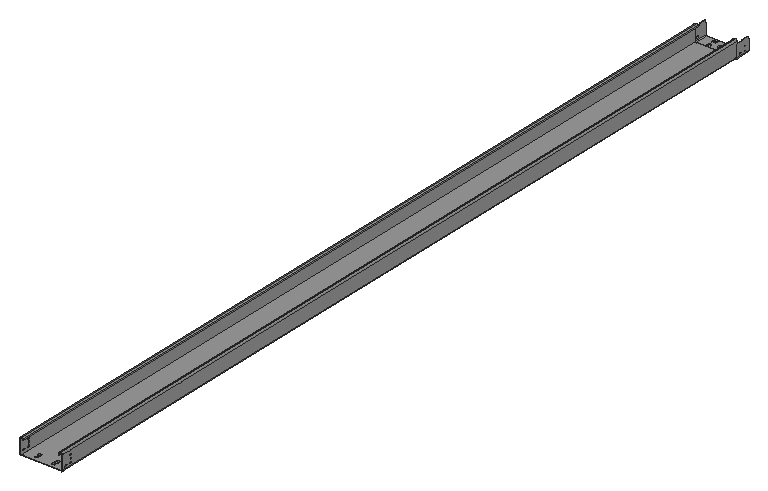
Revit family "Kabelrinne MKSM- MKSM 615 FS_ok", category Generic Models, Revit 2017
Family settings
  Can host rebar = No
  Round Connector Dimension = Use Diameter
  Part Type = Normal
  Work Plane-Based = No
  Always vertical = Yes
  Cut with Voids When Loaded = No
  Shared = No
  Room Calculation Point = No
Parameters (values of type "MKSM 615 FS")
  Width 2 = 6.5 mm
  Width 1 = Width / 2  # 75 mm
  Width = 150 mm
  URL = "http://www.obo-bettermann.com"
  Material = Strip-galvanised
  Manufacturer Art.No. = "6059002"
  Manufacturer = "OBO BETTERMANN"
  Length 2 = 49.812 mm
  Length 1 = 3000 mm
  Length = 3050 mm
  GTIN = "4012195829935"
  Cut's number = 2
  Article Type = "MKSM 615 FS"
Types (7, lengths in mm): name | Width 1 | Width | Manufacturer Art.No. | GTIN | Article Type
  (no name) | 75 | 150 | "6059002" | "4012195829935" | "MKSM 615 FS"
  MKSM 630 FS | 150 | 300 | "6059006" | "4012195829959" | "MKSM 630 FS"
  MKSM 640 FS | 200 | 400 | "6059008" | "4012195829966" | "MKSM 640 FS"
  MKSM 650 FS | 250 | 500 | "6059010" | "4012195829973" | "MKSM 650 FS"
  MKSM 660 FS | 300 | 600 | "6059012" | "4012195829980" | "MKSM 660 FS"
  MKSM 615 FS | 75 | 150 | "6059002" | "4012195829935" | "MKSM 615 FS"
  MKSM 620 FS | 100 | 200 | "6059004" | "4012195829942" | "MKSM 620 FS"
Reference planes
  plane 1 "Center (Front/Back)": y = 0
  plane 2: z = 0
  plane 3 "Center (Left/Right)": x = 0
  plane 4: z = 60
  plane 5: z = 54
  plane 6: x = -43.935
  plane 7: z = 51
  plane 8: z = 51.02
  plane 9: x = 43.979
  plane 10: z = 54
  plane 11: x = -31
  plane 12: x = 31
  plane 13: z = -3.5
  plane 14: x = -31
  plane 15: x = 31
  plane 16: z = -3.5
  plane 17: y = 36.35
  plane 18: y = 25.1
  plane 19: y = 20.35
  plane 20: z = 48.25
  plane 21: y = 3050
  plane 22: z = 12.61
  plane 23: y = 14.7
  plane 24: z = 14
  plane 25: y = 35.85
  plane 26: z = 26.675
  plane 27: z = 39
  plane 28: y = 3047
  plane 29: y = 3020
  plane 30: z = -1
  plane 31: z = 28.6
  plane 32: z = 15.75
  plane 33: y = 3022
  plane 34: z = -1.75
  plane 35: z = 11.5
  plane 36: y = 3013.41
  plane 37: z = 9.25
  plane 38: y = 3035
  plane 39: z = -1.75
  plane 40: y = 3035
  plane 41: z = 28.6
  plane 42: z = -1
  plane 43: y = 3020
  plane 44: z = 9.25
  plane 45: z = -1.75
  plane 46: y = 3035
  plane 47: z = 15.75
  plane 48: y = 3022
  plane 49: z = -1.75
  plane 50: y = 3013.5
  plane 51: z = 11.5
  plane 52: x = 0
  plane 53: y = 3024.58
  plane 54: x = 31
  plane 55: x = -31
  plane 56: x = 0
  plane 57: y = 3024.58
  plane 58: y = 3036.38
  plane 59: y = 3012.78
Forms (mm)
  Extrusion 1, solid, material "Strip-galvanised" <- "Material"
    sketch origin (0, 0, 0) x (1, 0, 0) y (0, 0, 1)
      loop
        line (-72.641, 0) -> (72.503, 0)
        arc (72.503, 0) -> (74.269, 0.731) -> (75, 2.497) r 2.497
        line (75, 2.497) -> (75, 54.379)
        arc (75, 54.379) -> (69.394, 59.984) -> (63.789, 54.379) r 5.606
        line (63.789, 54.379) -> (63.789, 51.02) -> (64.789, 51.02) -> (64.789, 54.379)
        arc (64.789, 54.379) -> (69.394, 58.984) -> (74, 54.379) r 4.606
        line (74, 54.379) -> (74, 2.756)
        arc (74, 2.756) -> (73.713, 1.54) -> (72.586, 1) r 1.447
        line (72.586, 1) -> (-72.641, 1)
        arc (-72.641, 1) -> (-73.602, 1.398) -> (-74, 2.359) r 1.359
        line (-74, 2.359) -> (-74, 54.354)
        arc (-74, 54.354) -> (-69.33, 59.024) -> (-64.661, 54.354) r 4.67
        line (-64.661, 54.354) -> (-64.661, 51.02) -> (-63.661, 51.02) -> (-63.661, 54.354)
        arc (-63.661, 54.354) -> (-69.33, 60.024) -> (-75, 54.354) r 5.67
        line (-75, 54.354) -> (-75, 2.359)
        arc (-75, 2.359) -> (-74.309, 0.691) -> (-72.641, 0) r 2.359
    from 0 to -3000.188
  Extrusion 2, solid
    sketch origin (0, 0, 0) x (1, 0, 0) y (0, 0, 1)
      loop
        line (-31, -3.5) -> (-24.938, 0) -> (-26.938, 0) -> (-31, -2.345) -> (-35.062, 0) -> (-37.062, 0) -> (-31, -3.5)
      loop
        line (31, -3.5) -> (37.062, 0) -> (35.062, 0) -> (31.08, -2.299) -> (27.097, 0) -> (24.938, 0) -> (31, -3.5)
    from -36.35 to -29.85
  Extrusion 3, solid
    sketch origin (0, 0, 0) x (1, 0, 0) y (0, 0, 1)
      loop
        line (-37.062, 0) -> (-31, -3.5) -> (-24.938, 0) -> (-26.938, 0) -> (-31, -2.345) -> (-35.062, 0) -> (-37.062, 0)
      loop
        line (24.938, 0) -> (31, -3.5) -> (37.062, 0) -> (35.062, 0) -> (31.08, -2.299) -> (27.097, 0) -> (24.938, 0)
    from -20.35 to -13.85
  Extrusion 4, void
    sketch origin (0, 0, 0) x (1, 0, 0) y (0, 1, 0)
      loop
        line (-35.062, 20.35) -> (-35.062, 13.85) -> (-26.938, 13.85) -> (-26.938, 20.35) -> (-35.062, 20.35)
      loop
        line (-35.062, 36.35) -> (-35.062, 29.85) -> (-26.938, 29.85) -> (-26.938, 36.35) -> (-35.062, 36.35)
      loop
        line (27.097, 36.35) -> (27.097, 29.85) -> (35.062, 29.85) -> (35.062, 36.35) -> (27.097, 36.35)
      loop
        line (27.097, 20.35) -> (27.097, 13.85) -> (35.062, 13.85) -> (35.062, 20.35) -> (27.097, 20.35)
    from 0 to 1
  Extrusion 5, solid, material "Strip-galvanised" <- "Material"
    sketch origin (0, 0, 0) x (1, 0, 0) y (0, 0, 1)
      loop
        line (-75, 48.25) -> (-76.8, 48.25) -> (-76.8, 2.5)
        arc (-76.8, 2.5) -> (-75.541, -0.541) -> (-72.5, -1.8) r 4.3
        line (-72.5, -1.8) -> (72.5, -1.8)
        arc (72.5, -1.8) -> (75.541, -0.541) -> (76.8, 2.5) r 4.3
        line (76.8, 2.5) -> (76.8, 48.25) -> (75, 48.25) -> (75, 2.5)
        arc (75, 2.5) -> (74.268, 0.732) -> (72.5, 0) r 2.5
        line (72.5, 0) -> (-72.5, 0)
        arc (-72.5, 0) -> (-74.268, 0.732) -> (-75, 2.5) r 2.5
        line (-75, 2.5) -> (-75, 48.25)
    from -3050 to -3000.188
  Extrusion 6, void
    sketch origin (0, 0, 0) x (0, 1, 0) y (0, 0, 1)
      loop
        arc (10.7, 16.61) -> (6.7, 12.61) -> (10.7, 8.61) r 4
        line (10.7, 8.61) -> (18.7, 8.61)
        arc (18.7, 8.61) -> (22.7, 12.61) -> (18.7, 16.61) r 4
        line (18.7, 16.61) -> (10.7, 16.61)
    from 74 to 75
  Extrusion 7, void
    sketch origin (25, 0, 0) x (0, 1, 0) y (0, 0, 1)
      loop
        arc (32.081, 17.5) -> (28.35, 13.769) -> (32.081, 10.038) r 3.731
        line (32.081, 10.038) -> (39.619, 10.038)
        arc (39.619, 10.038) -> (43.35, 13.769) -> (39.619, 17.5) r 3.731
        line (39.619, 17.5) -> (32.081, 17.5)
    from 49 to 50
  Extrusion 8, void
    sketch origin (0, 0, 0) x (0, 1, 0) y (0, 0, 1)
      loop
        line (32.35, 30.675) -> (32.35, 22.675) -> (40.35, 22.675) -> (40.35, 30.675) -> (32.35, 30.675)
    from 74 to 75
  Extrusion 9, void
    sketch origin (0, 0, 0) x (0, 1, 0) y (0, 0, 1)
      loop
        arc (32.35, 42.676) -> (28.85, 39.176) -> (32.35, 35.676) r 3.5
        line (32.35, 35.676) -> (40.35, 35.676)
        arc (40.35, 35.676) -> (43.85, 39.176) -> (40.35, 42.676) r 3.5
        line (40.35, 42.676) -> (32.35, 42.676)
    from 74 to 75
  Extrusion 10, void
    sketch origin (0, 0, 0) x (0, 1, 0) y (0, 0, 1)
      loop
        line (18.7, 16.61) -> (10.7, 16.61)
        arc (10.7, 16.61) -> (6.7, 12.61) -> (10.7, 8.61) r 4
        line (10.7, 8.61) -> (18.7, 8.61)
        arc (18.7, 8.61) -> (22.7, 12.61) -> (18.7, 16.61) r 4
    from -75 to -74
  Extrusion 11, void
    sketch origin (0, 0, 0) x (0, 1, 0) y (0, 0, 1)
      loop
        line (39.619, 17.5) -> (32.081, 17.5)
        arc (32.081, 17.5) -> (28.35, 13.769) -> (32.081, 10.038) r 3.731
        line (32.081, 10.038) -> (39.619, 10.038)
        arc (39.619, 10.038) -> (43.35, 13.769) -> (39.619, 17.5) r 3.731
    from -75 to -74
  Extrusion 12, void
    sketch origin (0, 0, 0) x (0, 1, 0) y (0, 0, 1)
      loop
        line (40.35, 30.675) -> (32.35, 30.675) -> (32.35, 22.675) -> (40.35, 22.675) -> (40.35, 30.675)
    from -75 to -74
  Extrusion 13, void
    sketch origin (0, 0, 0) x (0, 1, 0) y (0, 0, 1)
      loop
        line (40.35, 42.676) -> (32.35, 42.676)
        arc (32.35, 42.676) -> (28.85, 39.176) -> (32.35, 35.676) r 3.5
        line (32.35, 35.676) -> (40.35, 35.676)
        arc (40.35, 35.676) -> (43.85, 39.176) -> (40.35, 42.676) r 3.5
    from -75 to -74
  Extrusion 14, void
    sketch origin (0, 0, 0) x (0, 1, 0) y (0, 0, 1)
      loop
        line (3046.971, 48.25) -> (3050, 39.928) -> (3050, 48.25) -> (3046.971, 48.25)
    from 75 to 76.8
  Extrusion 15, void
    sketch origin (0, 0, 0) x (0, 1, 0) y (0, 0, 1)
      loop
        line (3020, 28.6) -> (3022.501, 28.6) -> (3022.501, 39.949) -> (3025.522, 48.25) -> (3014.481, 48.25) -> (3017.501, 39.953) -> (3017.501, 30.1)
        arc (3017.501, 30.1) -> (3017.94, 29.039) -> (3019.001, 28.6) r 1.5
        line (3019.001, 28.6) -> (3020, 28.6)
    from 75 to 76.8
  Extrusion 16, void
    sketch origin (0, 0, 0) x (0, 1, 0) y (0, 0, 1)
      loop
        arc (3009.25, 15.75) -> (3005, 11.5) -> (3009.25, 7.25) r 4.25
        line (3009.25, 7.25) -> (3017.683, 7.25)
        arc (3017.683, 7.25) -> (3021.933, 11.5) -> (3017.683, 15.75) r 4.25
        line (3017.683, 15.75) -> (3009.25, 15.75)
    from 75 to 76.8
  Extrusion 17, void
    sketch origin (0, 0, 0) x (0, 1, 0) y (0, 0, 1)
      loop
        circle (3035, 9.25) r 4.5
    from 75 to 76.8
  Extrusion 18, void
    sketch origin (0, 0, 0) x (0, 1, 0) y (0, 0, 1)
      loop
        arc (3030.5, 28.6) -> (3030.146, 28.454) -> (3030, 28.1) r 0.5
        line (3030, 28.1) -> (3030, 25.1)
        arc (3030, 25.1) -> (3030.146, 24.746) -> (3030.5, 24.6) r 0.5
        line (3030.5, 24.6) -> (3039.5, 24.6)
        arc (3039.5, 24.6) -> (3039.854, 24.746) -> (3040, 25.1) r 0.5
        line (3040, 25.1) -> (3040, 28.1)
        arc (3040, 28.1) -> (3039.854, 28.454) -> (3039.5, 28.6) r 0.5
        line (3039.5, 28.6) -> (3030.5, 28.6)
    from 75 to 76.8
  Extrusion 19, void
    sketch origin (0, 0, 0) x (0, 1, 0) y (0, 0, 1)
      loop
        line (3050, 48.25) -> (3046.971, 48.25) -> (3050, 39.928) -> (3050, 48.25)
    from -76.8 to -75
  Extrusion 20, void
    sketch origin (0, 0, 0) x (0, 1, 0) y (0, 0, 1)
      loop
        line (3025.522, 48.25) -> (3014.481, 48.25) -> (3017.501, 39.953) -> (3017.501, 30.1)
        arc (3017.501, 30.1) -> (3017.94, 29.039) -> (3019.001, 28.6) r 1.5
        line (3019.001, 28.6) -> (3022.501, 28.6) -> (3022.501, 39.949) -> (3025.522, 48.25)
    from -76.8 to -75
  Extrusion 21, void
    sketch origin (0, 0, 0) x (0, 1, 0) y (0, 0, 1)
      loop
        line (3039.5, 28.6) -> (3030.5, 28.6)
        arc (3030.5, 28.6) -> (3030.146, 28.454) -> (3030, 28.1) r 0.5
        line (3030, 28.1) -> (3030, 25.1)
        arc (3030, 25.1) -> (3030.146, 24.746) -> (3030.5, 24.6) r 0.5
        line (3030.5, 24.6) -> (3039.5, 24.6)
        arc (3039.5, 24.6) -> (3039.854, 24.746) -> (3040, 25.1) r 0.5
        line (3040, 25.1) -> (3040, 28.1)
        arc (3040, 28.1) -> (3039.854, 28.454) -> (3039.5, 28.6) r 0.5
    from -76.8 to -75
  Extrusion 22, void
    sketch origin (0, 0, 0) x (0, 1, 0) y (0, 0, 1)
      loop
        circle (3035, 9.25) r 4.5
    from -76.8 to -75
  Extrusion 23, void
    sketch origin (0, 0, 0) x (0, 1, 0) y (0, 0, 1)
      loop
        line (3017.683, 15.75) -> (3009.25, 15.75)
        arc (3009.25, 15.75) -> (3005, 11.5) -> (3009.25, 7.25) r 4.25
        line (3009.25, 7.25) -> (3017.683, 7.25)
        arc (3017.683, 7.25) -> (3021.933, 11.5) -> (3017.683, 15.75) r 4.25
    from -76.8 to -75
  Extrusion 24, void
    sketch origin (0, 0, 0) x (1, 0, 0) y (0, 1, 0)
      loop
        line (-8, 3028.08) -> (-8, 3021.08) -> (8, 3021.08) -> (8, 3028.08) -> (-8, 3028.08)
    from -1.8 to 0
  Extrusion 25, void
    sketch origin (0, 0, 0) x (1, 0, 0) y (0, 1, 0)
      loop
        line (23, 3040.18) -> (23, 3032.58) -> (39, 3032.58) -> (39, 3040.18) -> (23, 3040.18)
      loop
        line (-39, 3040.18) -> (-39, 3032.58) -> (-23, 3032.58) -> (-23, 3040.18) -> (-39, 3040.18)
      loop
        line (-39, 3016.817) -> (-39, 3009.217) -> (-23, 3009.217) -> (-23, 3016.817) -> (-39, 3016.817)
      loop
        line (23, 3016.817) -> (23, 3009.217) -> (39, 3009.217) -> (39, 3016.817) -> (23, 3016.817)
    from -1.8 to 0
Cuts and joins
  Extrusion 4, Extrusion 6, Extrusion 7, Extrusion 8, Extrusion 9, Extrusion 10, Extrusion 11, Extrusion 12, Extrusion 13 cuts Extrusion 1
  Extrusion 14, Extrusion 15, Extrusion 16, Extrusion 17, Extrusion 18, Extrusion 19, Extrusion 20, Extrusion 21, Extrusion 22, Extrusion 23, Extrusion 24, Extrusion 25 cuts Extrusion 5
Dimensions and locks
  locked: plane 4 to level at 60
  plane 4 to plane 7 = 9 mm
  plane 4 to plane 8 = 8.98 mm
  locked: Extrusion 1 sketch curve to Extrusion 1 sketch curve at 1  (x5)
  locked: Extrusion 1 sketch curve to Extrusion 1 sketch curve at 51.02  (x2)
  plane 3 "Center (Left/Right)" to plane 11 = 31 mm
  plane 12 to plane 3 "Center (Left/Right)" = 31 mm
  Extrusion 1 sketch curve to plane 13 = 3.5 mm
  "Width": Extrusion 1 sketch curve to Extrusion 1 sketch curve
  "Width 1": plane 3 "Center (Left/Right)" to Extrusion 1 sketch curve
  locked: Extrusion 1 sketch curve to Extrusion 1 sketch curve at 60.024
  locked: Extrusion 1 sketch curve to Extrusion 1 sketch curve at 59.984
  locked: Extrusion 1 sketch curve to Extrusion 1 sketch curve at 58.024
  locked: Extrusion 1 sketch curve to Extrusion 1 sketch curve at 57.984
  plane 3 "Center (Left/Right)" to plane 14 = 31 mm
  plane 15 to plane 3 "Center (Left/Right)" = 31 mm
  locked: Extrusion 2 sketch curve to Extrusion 2 sketch curve at 1  (x3)
  locked: Extrusion 2 sketch curve to Extrusion 2 sketch curve at 1.08
  locked: Extrusion 1 to plane 17 at 36.35
  "Width 2": Extrusion 2 to Extrusion 2
  locked: Extrusion 2 to Extrusion 2 at 1  (x3)
  locked: Extrusion 2 to Extrusion 2 at 1.08
  locked: plane 18 to Extrusion 2 at 4.75
  locked: plane 19 to plane 18 at 4.75
  "Width 2": Extrusion 3 to Extrusion 3
  locked: plane 20 to level at 48.25
  locked: Extrusion 5 sketch curve to cut or joined group 1 (Extrusion 1, Extrusion 4, Extrusion 6, Extrusion 7, Extrusion 8, Extrusion 9, Extrusion 10, Extrusion 11, Extrusion 12, Extrusion 13) at 1.8  (x2)
  locked: cut or joined group 1 to Extrusion 5 sketch curve at 1.8
  locked: Extrusion 5 sketch curve to cut or joined group 1 at 48.25  (x2)
  "Length 2": Extrusion 5 to Extrusion 5
  "Length": plane 1 "Center (Front/Back)" to plane 21
  plane 22 to level = 12.61 mm
  locked: Extrusion 6 sketch curve to Extrusion 6 sketch curve at 8
  locked: plane 22 to Extrusion 6 sketch curve at 4
  locked: Extrusion 6 sketch curve to plane 23 at 8
  locked: plane 23 to Extrusion 6 sketch curve at 8
  Extrusion 7 sketch curve to Extrusion 7 sketch curve = 7.462 mm
  locked: plane 24 to Extrusion 7 sketch curve at 3.5
  locked: Extrusion 7 sketch curve to plane 25 at 7.5
  locked: plane 25 to Extrusion 7 sketch curve at 7.5
  plane 26 to level = 26.675 mm
  locked: Extrusion 8 sketch curve to Extrusion 8 sketch curve at 8  (x2)
  locked: plane 17 to Extrusion 8 sketch curve at 4
  locked: plane 26 to Extrusion 8 sketch curve at 4
  locked: plane 27 to level at 39
  locked: Extrusion 9 sketch curve to Extrusion 9 sketch curve at 7
  locked: Extrusion 9 sketch curve to plane 17 at 7.5
  locked: plane 17 to Extrusion 9 sketch curve at 7.5
  locked: Extrusion 9 sketch curve to cut or joined group 1 at 5.001
  locked: cut or joined group 1 to cut or joined group 1 at 6.7
  locked: Extrusion 10 sketch curve to level at 8.61
  locked: Extrusion 10 sketch curve to Extrusion 10 sketch curve at 8
  locked: Extrusion 10 sketch curve to cut or joined group 1 at 22.7
  locked: cut or joined group 1 to cut or joined group 1 at 28.35
  locked: Extrusion 11 sketch curve to level at 10.038
  locked: Extrusion 11 sketch curve to Extrusion 11 sketch curve at 7.462
  locked: Extrusion 11 sketch curve to cut or joined group 1 at 43.35
  locked: cut or joined group 1 to cut or joined group 1 at 32.35
  locked: cut or joined group 1 to level at 22.675
  locked: cut or joined group 1 to cut or joined group 1 at 8  (x2)
  locked: cut or joined group 1 to cut or joined group 1 at 5.001
  locked: cut or joined group 1 to cut or joined group 1 at 7
  locked: cut or joined group 1 to cut or joined group 1 at 28.85
  locked: cut or joined group 1 to cut or joined group 1 at 43.85
  locked: plane 29 to cut or joined group 2 (Extrusion 5, Extrusion 14, Extrusion 15, Extrusion 16, Extrusion 17, Extrusion 18, Extrusion 19, Extrusion 20, Extrusion 21, Extrusion 22, Extrusion 23, Extrusion 24, Extrusion 25) at 30
  locked: plane 31 to plane 30 at 29.6
  locked: Extrusion 15 sketch curve to Extrusion 15 sketch curve at 5
  locked: cut or joined group 2 to plane 34 at 50
  locked: plane 32 to plane 34 at 17.5
  locked: Extrusion 16 sketch curve to Extrusion 16 sketch curve at 8.5
  locked: Extrusion 16 sketch curve to plane 33 at 17
  locked: plane 36 to Extrusion 16 sketch curve at 8.523
  Extrusion 16 sketch curve to plane 36 = 8.41 mm
  locked: plane 35 to Extrusion 16 sketch curve at 4.25
  locked: cut or joined group 2 to plane 39 at 50
  locked: plane 37 to plane 39 at 11
  locked: plane 38 to cut or joined group 2 at 15
  locked: Extrusion 17 sketch curve to cut or joined group 2 at 10.5
  locked: Extrusion 17 sketch curve to plane 39 at 6.5
  locked: cut or joined group 2 to plane 42 at 49.25
  locked: plane 40 to cut or joined group 2 at 15
  locked: plane 41 to plane 42 at 29.6
  locked: Extrusion 18 sketch curve to Extrusion 18 sketch curve at 10
  locked: plane 40 to Extrusion 18 sketch curve at 5
  locked: Extrusion 18 sketch curve to Extrusion 18 sketch curve at 4
  locked: Extrusion 18 sketch curve to cut or joined group 2 at 19.65
  locked: cut or joined group 2 to plane 43 at 30
  locked: cut or joined group 2 to cut or joined group 2 at 5
  locked: cut or joined group 2 to cut or joined group 2 at 4
  locked: cut or joined group 2 to cut or joined group 2 at 10
  locked: plane 44 to plane 45 at 11
  cut or joined group 2 to cut or joined group 2 = 34.5 mm
  cut or joined group 2 to cut or joined group 2 = 10.85 mm
  locked: cut or joined group 2 to plane 49 at 50
  locked: plane 47 to plane 49 at 17.5
  locked: plane 48 to plane 50 at 8.5
  locked: plane 47 to plane 51 at 4.25
  locked: plane 48 to cut or joined group 2 at 0.067
  locked: plane 48 to cut or joined group 2 at 17
  locked: cut or joined group 2 to plane 49 at 17.5
  locked: Extrusion 24 sketch curve to Extrusion 24 sketch curve at 16
  locked: Extrusion 24 sketch curve to Extrusion 24 sketch curve at 7
  locked: plane 52 to Extrusion 24 sketch curve at 8
  locked: plane 53 to Extrusion 24 sketch curve at 3.5
  locked: plane 21 to plane 53 at 25.42
  locked: plane 56 to plane 54 at 31
  locked: plane 55 to plane 56 at 31
  locked: plane 21 to plane 57 at 25.42
  locked: plane 58 to plane 57 at 11.8
  locked: plane 57 to plane 59 at 11.8
  locked: Extrusion 25 sketch curve to Extrusion 25 sketch curve at 16  (x3)
  locked: plane 55 to Extrusion 25 sketch curve at 8
  locked: Extrusion 25 sketch curve to Extrusion 25 sketch curve at 7.6  (x4)
  locked: plane 58 to Extrusion 25 sketch curve at 3.8
  locked: plane 54 to Extrusion 25 sketch curve at 8
  plane 32 to plane 34 = 17.5 mm
  radius of Extrusion 1 sketch curve = 5.67 mm
  radius of Extrusion 1 sketch curve = 5.606 mm
  diameter of Extrusion 17 sketch curve = 9 mm
  aligned and locked: level to plane 2
  aligned and locked: Extrusion 1 to level
  aligned and locked: plane 2 to Extrusion 2 sketch curve
  aligned and locked: Extrusion 2 sketch curve to level  (x3)
  aligned and locked: level to Extrusion 2 sketch curve
  aligned and locked: plane 17 to Extrusion 2
  aligned and locked: Extrusion 3 sketch curve to level  (x4)
  aligned and locked: Extrusion 3 to Extrusion 2  (x3)
  aligned and locked: Extrusion 3 to plane 19
  aligned and locked: Extrusion 4 sketch curve to plane 19  (x2)
  aligned and locked: Extrusion 4 sketch curve to Extrusion 3  (x3)
  aligned and locked: Extrusion 4 sketch curve to Extrusion 2  (x3)
  aligned and locked: Extrusion 4 sketch curve to Extrusion 4 sketch curve  (x6)
  aligned and locked: Extrusion 4 sketch curve to plane 17  (x2)
  aligned and locked: Extrusion 4 to level
  aligned and locked: Extrusion 1 to Extrusion 4
  aligned and locked: cut or joined group 1 to Extrusion 5 sketch curve  (x2)
  aligned and locked: Extrusion 5 sketch curve to level
  aligned and locked: Extrusion 5 to cut or joined group 1
  aligned and locked: plane 21 to Extrusion 5
  aligned and locked: Extrusion 1 to Extrusion 5
  aligned and locked: Extrusion 1 to Extrusion 6  (x2)
  aligned and locked: Extrusion 1 to Extrusion 7  (x2)
  aligned and locked: Extrusion 1 to Extrusion 8  (x2)
  aligned and locked: Extrusion 1 to Extrusion 9  (x2)
  aligned and locked: Extrusion 1 to Extrusion 10  (x2)
  aligned and locked: Extrusion 1 to Extrusion 11  (x2)
  aligned and locked: Extrusion 12 sketch curve to cut or joined group 1  (x4)
  aligned and locked: Extrusion 1 to Extrusion 12  (x2)
  aligned and locked: Extrusion 13 sketch curve to cut or joined group 1  (x2)
  aligned and locked: Extrusion 1 to Extrusion 13  (x2)
  aligned and locked: Extrusion 14 sketch curve to Extrusion 5
  aligned and locked: Extrusion 14 sketch curve to plane 21
  aligned and locked: Extrusion 14 to cut or joined group 1
  aligned and locked: Extrusion 5 to Extrusion 14
  aligned and locked: Extrusion 15 sketch curve to plane 31
  aligned and locked: Extrusion 15 sketch curve to cut or joined group 2
  aligned and locked: Extrusion 15 to Extrusion 5
  aligned and locked: Extrusion 15 to cut or joined group 1
  aligned and locked: Extrusion 16 to cut or joined group 1
  aligned and locked: Extrusion 5 to Extrusion 16
  aligned and locked: Extrusion 17 to cut or joined group 1
  aligned and locked: Extrusion 5 to Extrusion 17
  aligned and locked: Extrusion 18 to cut or joined group 1
  aligned and locked: Extrusion 5 to Extrusion 18
  aligned and locked: Extrusion 19 sketch curve to cut or joined group 2
  aligned and locked: plane 21 to Extrusion 19 sketch curve
  aligned and locked: Extrusion 19 to cut or joined group 1
  aligned and locked: Extrusion 19 to Extrusion 5
  aligned and locked: Extrusion 20 sketch curve to cut or joined group 2  (x4)
  aligned and locked: Extrusion 20 to cut or joined group 1
  aligned and locked: Extrusion 20 to Extrusion 5
  aligned and locked: Extrusion 21 sketch curve to cut or joined group 2  (x4)
  aligned and locked: Extrusion 21 to cut or joined group 1
  aligned and locked: Extrusion 5 to Extrusion 21
  aligned and locked: Extrusion 5 to Extrusion 22
  aligned and locked: Extrusion 22 to cut or joined group 1
  aligned and locked: Extrusion 23 sketch curve to cut or joined group 2
  aligned and locked: plane 47 to Extrusion 23 sketch curve
  aligned and locked: Extrusion 23 to cut or joined group 1
  aligned and locked: Extrusion 5 to Extrusion 23
  aligned and locked: Extrusion 5 to Extrusion 24
  aligned and locked: level to Extrusion 24
  aligned and locked: plane 56 to plane 3 "Center (Left/Right)"
  aligned and locked: Extrusion 25 sketch curve to Extrusion 25 sketch curve  (x5)
  aligned and locked: Extrusion 5 to Extrusion 25
  aligned and locked: level to Extrusion 25
Automatic sketch dimensions
  Extrusion 2 sketch curve to plane 14 = 0 mm  (x2)
  Extrusion 2 sketch curve to plane 15 = 0 mm
  Extrusion 2 sketch curve to plane 16 = 0 mm  (x2)
  plane 15 to Extrusion 2 sketch curve = 0.08 mm
  plane 16 to Extrusion 2 sketch curve = 1.155 mm
  plane 16 to Extrusion 2 sketch curve = 1.201 mm
  Extrusion 3 sketch curve to plane 3 "Center (Left/Right)" = 37.062 mm
  Extrusion 3 sketch curve to Extrusion 3 sketch curve = 2 mm  (x3)
  Extrusion 3 sketch curve to level = 3.5 mm  (x2)
  Extrusion 3 sketch curve to Extrusion 3 sketch curve = 4.062 mm  (x2)
  Extrusion 3 sketch curve to level = 2.345 mm
  Extrusion 3 sketch curve to Extrusion 3 sketch curve = 0 mm
  plane 3 "Center (Left/Right)" to Extrusion 3 sketch curve = 24.938 mm
  Extrusion 3 sketch curve to Extrusion 3 sketch curve = 2.159 mm
  Extrusion 3 sketch curve to Extrusion 3 sketch curve = 3.903 mm
  Extrusion 3 sketch curve to level = 2.299 mm
  Extrusion 3 sketch curve to Extrusion 3 sketch curve = 0.08 mm
  Extrusion 3 sketch curve to Extrusion 3 sketch curve = 3.982 mm
  Extrusion 5 sketch curve to Extrusion 5 sketch curve = 0 mm  (x2)
  Extrusion 5 sketch curve to Extrusion 5 sketch curve = 2.5 mm
  level to Extrusion 5 sketch curve = 2.5 mm
  Extrusion 7 sketch curve to plane 25 = 3.769 mm
  Extrusion 10 sketch curve to plane 19 = 9.65 mm
  Extrusion 11 sketch curve to plane 17 = 4.269 mm
  Extrusion 13 sketch curve to plane 17 = 4 mm
  plane 17 to Extrusion 13 sketch curve = 4 mm
  Extrusion 14 sketch curve to plane 28 = 0.029 mm
  Extrusion 14 sketch curve to Extrusion 14 sketch curve = 8.322 mm
  Extrusion 15 sketch curve to plane 29 = 0 mm
  Extrusion 15 sketch curve to plane 29 = 0.999 mm
  plane 31 to Extrusion 15 sketch curve = 1.5 mm
  Extrusion 15 sketch curve to plane 29 = 5.519 mm
  plane 29 to Extrusion 15 sketch curve = 5.522 mm
  Extrusion 15 sketch curve to Extrusion 15 sketch curve = 0.004 mm
  Extrusion 15 sketch curve to Extrusion 15 sketch curve = 8.297 mm
  Extrusion 18 sketch curve to Extrusion 18 sketch curve = 0.5 mm  (x4)
  Extrusion 19 sketch curve to plane 21 = 3.029 mm
  Extrusion 19 sketch curve to Extrusion 19 sketch curve = 8.322 mm
  plane 43 to Extrusion 20 sketch curve = 5.519 mm
  plane 43 to Extrusion 20 sketch curve = 0.999 mm
  Extrusion 20 sketch curve to plane 43 = 5.522 mm
  Extrusion 20 sketch curve to Extrusion 20 sketch curve = 8.301 mm
  Extrusion 20 sketch curve to Extrusion 20 sketch curve = 0.004 mm
  Extrusion 21 sketch curve to Extrusion 21 sketch curve = 0.5 mm  (x4)
  Extrusion 22 sketch curve to plane 44 = 0 mm
  Extrusion 22 sketch curve to plane 46 = 0 mm
  plane 50 to Extrusion 23 sketch curve = 4.25 mm
  Extrusion 23 sketch curve to plane 50 = 4.183 mm
  Extrusion 25 sketch curve to plane 59 = 3.563 mm
  Extrusion 1 sketch curve to Extrusion 1 sketch curve = 0 mm
  Extrusion 1 sketch curve to Extrusion 1 sketch curve = 1.359 mm
  Extrusion 1 sketch curve to Extrusion 1 sketch curve = 1.497 mm
  Extrusion 1 sketch curve to Extrusion 1 sketch curve = 0.083 mm
  Extrusion 1 sketch curve to Extrusion 1 sketch curve = 0.05 mm
  radius of Extrusion 22 sketch curve = 4.5 mm
